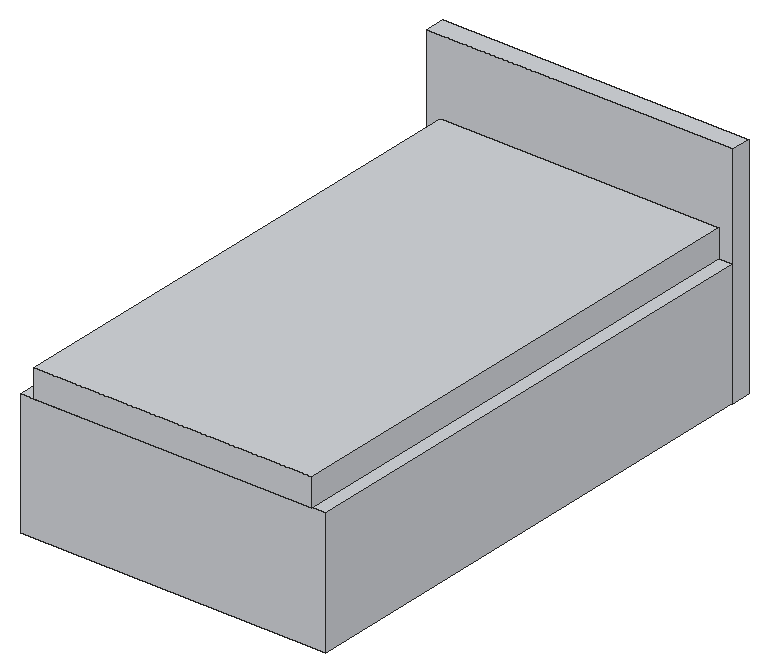
Revit family "BedSingle", category 家具, Revit 2025
Family settings
  OmniClass 编号 = 23.40.20.00
  OmniClass 标题 = General Furniture and Specialties
  基于工作平面 = 否
  视图中启用分割 = 否
  总是垂直 = 是
  载入时剪切的空心 = 否
  渲染外观源 = 族几何图形
  共享 = 否
  房间计算点 = 否
Parameters
  默认高程 = 0 mm
  AI_Width [instance] = 1100 mm
  AI_Height [instance] = 1900 mm
Reference planes
  plane 1 "中心(前/后)": y = 0
  plane 2: z = 0
  plane 3 "中心(左/右)": x = 0
  plane 4: y = 950
  plane 5: y = -950
  plane 6: x = 550
  plane 7: x = -550
  plane 8: x = -500
  plane 9: x = 500
  plane 10: z = 550
  plane 11: z = 1080
Forms (mm)
  Extrusion 1, solid
    sketch origin (0, 0, 0) x (1, 0, 0) y (0, 1, 0)
      loop
        line (-550, 950) -> (-550, -950) -> (550, -950) -> (550, 950) -> (-550, 950)
    from 0 to 450
  Extrusion 2, solid
    sketch origin (0, 0, 0) x (1, 0, 0) y (0, 1, 0)
      loop
        line (-500, 950) -> (-500, -950) -> (500, -950) -> (500, 950) -> (-500, 950)
    from 550 to 450
  Extrusion 3, solid
    sketch origin (-1335.933, 950, 1200) x (-1, 0, 0) y (0, 0, 1)
      loop
        line (-785.933, -380) -> (-1885.933, -380) -> (-1885.933, -1200) -> (-785.933, -1200) -> (-785.933, -380)
    from 0 to -70
Dimensions and locks
  "AI_Width": plane 7 to plane 6
  "AI_Height": plane 5 to plane 4
  aligned and locked: level to plane 2
  aligned and locked: Extrusion 1 sketch curve to plane 4
  aligned and locked: Extrusion 1 sketch curve to plane 7
  aligned and locked: Extrusion 1 sketch curve to plane 5
  aligned and locked: Extrusion 1 sketch curve to plane 6
  aligned and locked: Extrusion 2 sketch curve to plane 4
  aligned and locked: plane 8 to Extrusion 2 sketch curve
  aligned and locked: Extrusion 2 sketch curve to plane 5
  aligned and locked: plane 9 to Extrusion 2 sketch curve
Automatic sketch dimensions
  Extrusion 3 sketch curve to plane 9 = 50 mm
  Extrusion 3 sketch curve to plane 8 = 50 mm
  Extrusion 3 sketch curve to plane 10 = 550 mm
  Extrusion 3 sketch curve to plane 11 = 260 mm
